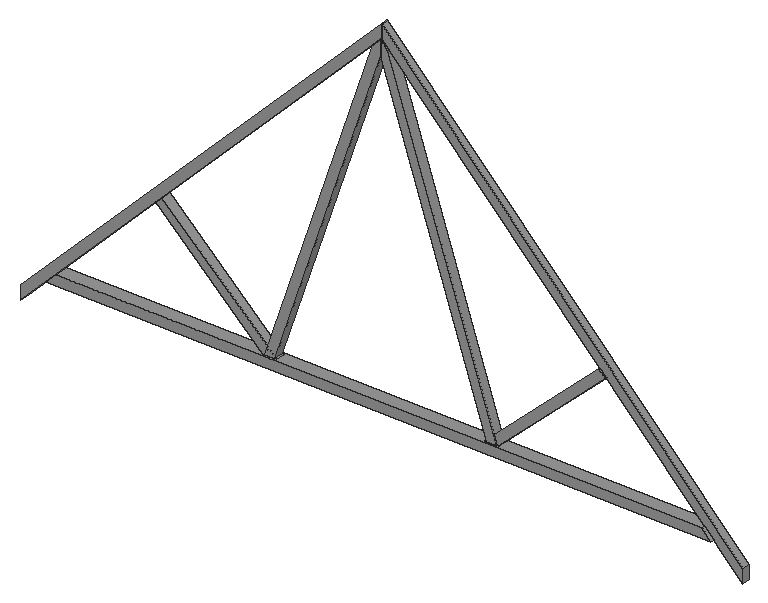
Revit family "FinkTruss", category Structural Framing, Revit 2023
Family settings
  Section Shape = Not Defined
  Material for Model Behavior = Wood
  Always export as geometry = No
  OmniClass Number = 23.25.30.21.14
  OmniClass Title = Trussed Beams and Joists
  Work Plane-Based = No
  Always vertical = Yes
  Cut with Voids When Loaded = No
  Symbolic Representation = From Family
  Shared = No
  Show family pre-cut in plan views = Yes
Parameters
  WebWidth [instance] = 100 mm
  WebDepth [instance] = 100 mm
  T_Volume [instance] = 0.00 m³
  TopWidth [instance] = 75 mm
  Structural Material [instance] = Poche
  SpanRight [instance] = 3500 mm
  SpanLeft [instance] = 3500 mm
  Span [instance] = SpanLeft + SpanRight  # 7000 mm
  SlopeRight [instance] = 45.00°
  SlopeLeft [instance] = 45.00°
  OverhangRight [instance] = 300 mm
  OverhangLeft [instance] = 300 mm
  TopDepth [instance] = 100 mm
  BottomWidth [instance] = 150 mm
  BottomDepth [instance] = 100 mm
Reference planes
  plane 1 "Center (Front/Back)": y = 0
  plane 2: z = 0
  plane 3 "Center (Left/Right)": x = 0
  plane 4: x = -3500
  plane 5: x = 3500
  plane 6: x = 3800
  plane 7: x = -3800
  plane 8: z = 100
  plane 9: x = 1166.667
  plane 10: x = -1166.667
  plane 11: x = 2333.333
  plane 12: x = -2333.333
Forms (mm)
  Extrusion 1, solid, material "Cherry"
    sketch origin (0, 0, 0) x (1, 0, 0) y (0, 0, 1)
      loop
        line (-3800, -300) -> (0, 3500) -> (0, 3641.421) -> (-3800, -158.579) -> (-3800, -300)
    from -37.5 to 37.5
  Extrusion 2, solid, material "Cherry"
    sketch origin (0, 0, 0) x (1, 0, 0) y (0, 0, 1)
      loop
        line (3800, -300) -> (3800, -158.579) -> (0, 3641.421) -> (0, 3500) -> (3800, -300)
    from -37.5 to 37.5
  Extrusion 3, solid, material "Cherry"
    sketch origin (0, 0, 0) x (1, 0, 0) y (0, 0, 1)
      loop
        line (-3500, 0) -> (3500, 0) -> (3400, 100) -> (-3400, 100) -> (-3500, 0)
    from -75 to 75
  Extrusion 4, solid, material "Cherry"
    sketch origin (0, 0, 0) x (1, 0, 0) y (0, 0, 1)
      loop
        line (1240.766, 100) -> (2368.724, 1131.276) -> (2297.943, 1202.057) -> (1092.567, 100) -> (1240.766, 100)
    from -50 to 50
  Extrusion 5, solid, material "Cherry"
    sketch origin (0, 0, 0) x (1, 0, 0) y (0, 0, 1)
      loop
        line (0, 3345.946) -> (0, 3500) -> (-80.476, 3419.524) -> (-1219.528, 100) -> (-1113.805, 100) -> (0, 3345.946)
    from -50 to 50
  Extrusion 6, solid, material "Cherry"
    sketch origin (0, 0, 0) x (1, 0, 0) y (0, 0, 1)
      loop
        line (-1092.567, 100) -> (-2297.943, 1202.057) -> (-2368.724, 1131.276) -> (-1240.766, 100) -> (-1092.567, 100)
    from -50 to 50
  Extrusion 7, solid, material "Cherry"
    sketch origin (0, 0, 0) x (1, 0, 0) y (0, 0, 1)
      loop
        line (80.476, 3419.524) -> (0, 3500) -> (0, 3345.946) -> (1113.805, 100) -> (1219.528, 100) -> (80.476, 3419.524)
    from -50 to 50
Lines and regions (mm)
  reference lines
    curve 1: line (3500, 0, 0) -> (1307.969, 0, 2192.031)
    curve 2: line (-3500, 0, 0) -> (-1025.126, 0, 2474.874)
    curve 3: line (3535.636, 0, 105.785) -> (-8.024, 0, 3649.445)
    curve 4: line (-3495.19, 0, 146.231) -> (-66.332, 0, 3575.09)
    curve 5: line (0, 37.5, 1939.254) -> (0, 37.5, -520.746)
    curve 6: line (0, -37.5, 1939.254) -> (0, -37.5, -520.746)
    curve 7: line (0, 0, 3500) -> (1166.667, 0, 100)
    curve 8: line (1166.667, 0, 100) -> (2333.333, 0, 1166.667)
    curve 9: line (-39.357, 0, 3460.643) -> (1148.103, 0, 0.046)
    curve 10: line (1104.505, 0, 110.915) -> (2298.87, 0, 1202.906)
    curve 11: line (1222.587, 0, 83.379) -> (2367.796, 0, 1130.428)
    curve 12: line (0, 0, 3500) -> (-1166.667, 0, 100)
    curve 13: line (-1166.667, 0, 100) -> (-2333.333, 0, 1166.667)
    curve 14: line (-46.606, 0, 3518.23) -> (-1222.714, 0, 90.716)
    curve 15: line (-399.352, 0, 2182.119) -> (-1150.677, 0, -7.455)
    curve 16: line (-1108.733, 0, 114.78) -> (-2297.76, 0, 1201.891)
    curve 17: line (-1221.7, 0, 82.568) -> (-2368.907, 0, 1131.443)
    curve 18: line (0, -50, 1939.254) -> (0, -50, -520.746)
    curve 19: line (0, -75, 1939.254) -> (0, -75, -520.746)
    curve 20: line (0, 50, 1939.254) -> (0, 50, -520.746)
    curve 21: line (0, 75, 1939.254) -> (0, 75, -520.746)
    curve 22: line (21.367, 0, 3591.784) -> (1215.075, 0, 112.979)
Dimensions and locks
  "SpanLeft": plane 3 "Center (Left/Right)" to plane 5
  "SpanRight": plane 3 "Center (Left/Right)" to plane 4
  "OverhangLeft": plane 5 to plane 6
  "OverhangRight": plane 7 to plane 4
  "BottomDepth": level to plane 8
  "TopDepth": curve 1 to curve 3
  "TopDepth": curve 4 to curve 2
  plane 3 "Center (Left/Right)" to plane 4 = 3500 mm
  plane 3 "Center (Left/Right)" to plane 5 = 3500 mm
  equal spacing: curve 5, curve 4, curve 6
  "TopWidth": curve 5 to curve 6
  equal spacing: plane 5, plane 11, plane 9, plane 3 "Center (Left/Right)"
  equal spacing: plane 3 "Center (Left/Right)", plane 10, plane 12, plane 4
  equal spacing: curve 11, curve 8, curve 10
  "WebDepth": curve 11 to curve 10
  equal spacing: curve 14, curve 12, curve 15
  "WebDepth": curve 14 to curve 15
  equal spacing: curve 16, curve 13, curve 17
  "WebDepth": curve 16 to curve 17
  equal spacing: curve 20, curve 4, curve 18
  "WebWidth": curve 20 to curve 18
  equal spacing: curve 21, curve 4, curve 19
  "BottomWidth": curve 21 to curve 19
  equal spacing: curve 9, curve 7, curve 22
  "WebDepth": curve 9 to curve 22
  "SlopeLeft": angle level to curve 1
  "SlopeRight": angle curve 2 to level
  aligned and locked: plane 2 to level
  aligned and locked: Extrusion 1 sketch curve to curve 2
  aligned and locked: Extrusion 1 sketch curve to curve 4
  aligned and locked: Extrusion 1 sketch curve to curve 6
  aligned and locked: plane 7 to Extrusion 1 sketch curve
  aligned and locked: Extrusion 1 to curve 5
  aligned and locked: Extrusion 1 to curve 6
  aligned and locked: Extrusion 2 sketch curve to curve 1
  aligned and locked: Extrusion 2 sketch curve to curve 3
  aligned and locked: Extrusion 2 sketch curve to curve 6
  aligned and locked: Extrusion 2 sketch curve to plane 6
  aligned and locked: Extrusion 2 to curve 5
  aligned and locked: Extrusion 2 to curve 6
  aligned and locked: Extrusion 3 sketch curve to level
  aligned and locked: Extrusion 3 sketch curve to plane 8
  aligned and locked: Extrusion 1 to Extrusion 3 sketch curve
  aligned and locked: Extrusion 2 to Extrusion 3 sketch curve
  aligned and locked: plane 8 to curve 7
  aligned and locked: plane 9 to curve 7
  aligned and locked: plane 10 to curve 12
  aligned and locked: Extrusion 3 to curve 19
  aligned and locked: curve 21 to Extrusion 3
  aligned and locked: curve 11 to Extrusion 4 sketch curve
  aligned and locked: Extrusion 4 sketch curve to curve 10
  aligned and locked: Extrusion 3 to Extrusion 4 sketch curve
  aligned and locked: Extrusion 2 to Extrusion 4 sketch curve
  aligned and locked: Extrusion 5 sketch curve to curve 15
  aligned and locked: curve 14 to Extrusion 5 sketch curve
  aligned and locked: Extrusion 5 sketch curve to plane 3 "Center (Left/Right)"
  aligned and locked: Extrusion 3 to Extrusion 5 sketch curve
  aligned and locked: Extrusion 1 to Extrusion 5 sketch curve
  aligned and locked: Extrusion 6 sketch curve to curve 16
  aligned and locked: curve 17 to Extrusion 6 sketch curve
  aligned and locked: Extrusion 1 to Extrusion 6 sketch curve
  aligned and locked: Extrusion 3 to Extrusion 6 sketch curve
  aligned and locked: curve 22 to Extrusion 7 sketch curve
  aligned and locked: curve 9 to Extrusion 7 sketch curve
  aligned and locked: Extrusion 7 sketch curve to Extrusion 2
  aligned and locked: Extrusion 7 sketch curve to curve 19
  aligned and locked: Extrusion 3 to Extrusion 7 sketch curve
  aligned and locked: curve 20 to Extrusion 4
  aligned and locked: Extrusion 4 to curve 18
  aligned and locked: curve 20 to Extrusion 6
  aligned and locked: Extrusion 6 to curve 18
  aligned and locked: Extrusion 5 to Extrusion 4  (x2)
  aligned and locked: Extrusion 7 to Extrusion 4
  aligned and locked: Extrusion 7 to Extrusion 5
Automatic sketch dimensions
  curve 2 to level = 0 mm
  plane 4 to curve 2 = 0 mm
  plane 12 to curve 13 = 0 mm
  curve 12 to plane 3 "Center (Left/Right)" = 0 mm
  curve 8 to plane 11 = 0 mm
  curve 1 to level = 0 mm
  plane 5 to curve 1 = 0 mm
  curve 13 to plane 8 = 0 mm
  curve 4 to plane 4 = 4.81 mm
  plane 12 to curve 17 = 35.573 mm
  curve 16 to plane 12 = 35.573 mm
  curve 14 to plane 8 = 9.284 mm
  curve 17 to plane 8 = 17.432 mm
  curve 15 to level = 7.455 mm
  curve 15 to plane 3 "Center (Left/Right)" = 399.352 mm
  curve 4 to plane 3 "Center (Left/Right)" = 66.332 mm
  curve 14 to plane 3 "Center (Left/Right)" = 46.606 mm
  curve 3 to plane 3 "Center (Left/Right)" = 8.024 mm
  plane 3 "Center (Left/Right)" to curve 22 = 21.367 mm
  plane 8 to curve 10 = 10.915 mm
  level to curve 9 = 0.046 mm
  plane 8 to curve 22 = 12.979 mm
  curve 11 to plane 8 = 16.621 mm
  curve 10 to plane 11 = 34.463 mm
  plane 11 to curve 11 = 34.463 mm
  plane 8 to curve 3 = 5.785 mm
  curve 21 to level = 520.746 mm
  curve 5 to curve 21 = 0 mm  (x2)
  curve 19 to curve 5 = 0 mm
  curve 19 to curve 6 = 0 mm  (x2)
  curve 18 to curve 19 = 0 mm  (x2)
  curve 21 to curve 20 = 0 mm
  plane 8 to curve 6 = 1839.254 mm
  curve 6 to curve 20 = 0 mm
  curve 6 to curve 21 = 0 mm
